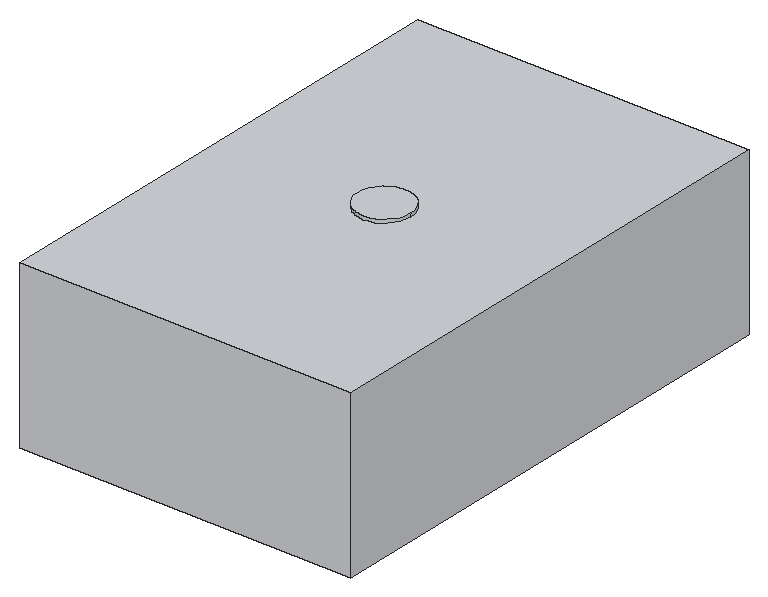
Revit family "Connector(both sides).ver2019", category Electrical Fixtures, Revit 2020
Family settings
  Maintain Annotation Orientation = No
  Round Connector Dimension = Use Diameter
  Part Type = Normal
  OmniClass Number = 23.80.00.00
  OmniClass Title = Electric Power and Lighting
  Work Plane-Based = No
  Always vertical = Yes
  Cut with Voids When Loaded = No
  Shared = No
  Room Calculation Point = No
Parameters
  コネクタ直径 [instance] = 16 mm
  W [instance] = 100 mm
  Default Elevation = 0 mm
  D [instance] = 150 mm
Reference planes
  plane 1 "中心(正面/背面)": y = 0
  plane 2: z = 0
  plane 3 "中心(左/右)": x = 0
  plane 4 "左": x = -50
  plane 5 "右": x = 50
  plane 6 "上": y = 75
  plane 7 "下": y = -75
  plane 8 "高さ": z = 50
Forms (mm)
  Extrusion 1, solid
    sketch origin (0, 0, 0) x (1, 0, 0) y (0, 1, 0)
      loop
        line (-50, 75) -> (-50, -75) -> (50, -75) -> (50, 75) -> (-50, 75)
    from 0 to 50
  Extrusion 2, solid
    sketch origin (0, 0, 50) x (-1, 0, 0) y (0, -1, 0)
      loop
        circle (0, 0) r 8
    from 0 to 1
  Extrusion 3, solid
    sketch origin (0, 0, 0) x (1, 0, 0) y (0, 1, 0)
      loop
        circle (0, 0) r 8
    from -1.215 to 0
Dimensions and locks
  equal spacing: plane 4 "左", plane 3 "中心(左/右)", plane 5 "右"
  "W": plane 4 "左" to plane 5 "右"
  equal spacing: plane 6 "上", plane 1 "中心(正面/背面)", plane 7 "下"
  "D": plane 6 "上" to plane 7 "下"
  "コネクタ直径": diameter of Extrusion 2 sketch curve
  "コネクタ直径": diameter of Extrusion 3 sketch curve
  aligned and locked: level to plane 2
  aligned and locked: Extrusion 1 sketch curve to plane 6 "上"
  aligned and locked: plane 4 "左" to Extrusion 1 sketch curve
  aligned and locked: plane 7 "下" to Extrusion 1 sketch curve
  aligned and locked: Extrusion 1 sketch curve to plane 5 "右"
  aligned and locked: level to Extrusion 3
Automatic sketch dimensions
  plane 1 "中心(正面/背面)" to Extrusion 2 sketch curve = 0 mm
  Extrusion 2 sketch curve to plane 3 "中心(左/右)" = 0 mm
  plane 1 "中心(正面/背面)" to Extrusion 3 sketch curve = 0 mm
  Extrusion 3 sketch curve to plane 3 "中心(左/右)" = 0 mm
Connectors
  cabletrayconduit at (0, 0, 51), diameter 16, driven by "コネクタ直径"
    settings: on Extrusion 2, index 3, connector width 300 mm, connector height 300 mm, connector angle 0.00°, system type 32, placement type 0, profile type 0, connector reference index -1, is primary connector yes, connector utility param no, connector description ""
  cabletrayconduit at (0, 0, -1.215), diameter 16, driven by "コネクタ直径"
    settings: on Extrusion 3, index 4, connector width 300 mm, connector height 300 mm, connector angle 0.00°, system type 32, placement type 0, profile type 0, connector reference index -1, is primary connector no, connector utility param no, connector description ""
